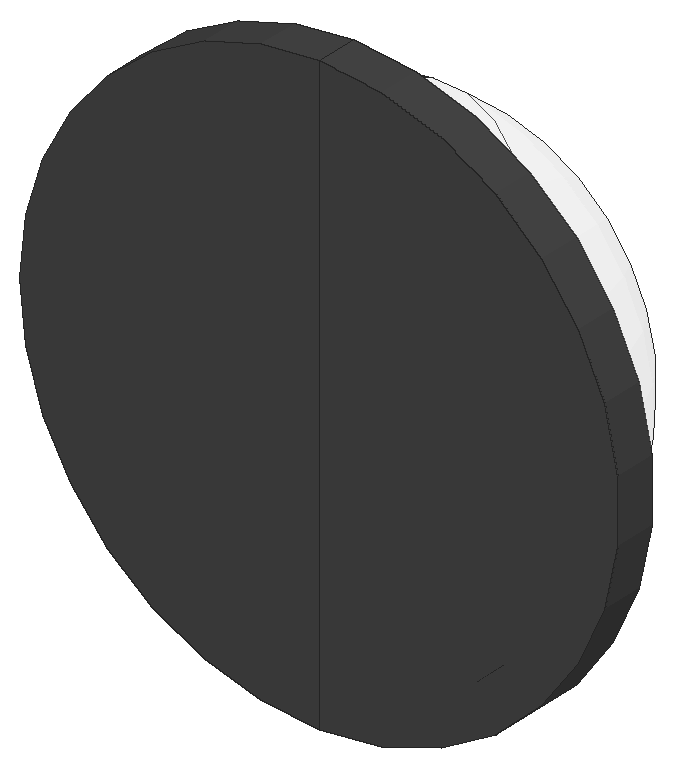
Revit family
Parameters (values of type "Wall Mounted")
  Wattage = 150 W
  built-in parameter 1150110 = 1 (stored number, unit not read)
  built-in parameter 1114217 = 1 (stored number, unit not read)
  built-in parameter 1150109 = 1 (stored number, unit not read)
  built-in parameter 1150134 = 3
  built-in parameter 1150113 = 1 (stored number, unit not read)
  Lumens = 2700 lm
  built-in parameter 1150115 = 1 (stored number, unit not read)
  built-in parameter 1150105 = 859.44 (stored number, unit not read)
  Light Source Symbol Size = 609.6 mm
  built-in parameter 1150137 = (empty or 0)
  built-in parameter 1150139 = (empty or 0)
  Light Fixture Material = Metal - Black
  built-in parameter 1150112 = 1 (stored number, unit not read)
  built-in parameter 1150114 = 1 (stored number, unit not read)
  Lamp Glass Material = Glass - White Frosted
  built-in parameter 1150132 = (empty or 0)
  built-in parameter 1150102 = (empty or 0)
  built-in parameter 1150138 = (empty or 0)
  built-in parameter 1150107 = 3200 (stored number, unit not read)
  built-in parameter 1150106 = 8.5944 (stored number, unit not read)
  Fixture Height = 2000 mm
  built-in parameter 1150104 = 1.6723 (stored number, unit not read)
  Dimming Lamp Color Temperature Shift = (empty or 0)
  Color Filter = 16777215
  built-in parameter 1114218 = 1 (stored number, unit not read)
  built-in parameter 1150133 = 10 (stored number, unit not read)
Reference planes
  plane 1: y = 0
  plane 2 "Light Source Axis (L/R)": x = 125
  plane 3 "Light Sheet Metal": y = 100
  plane 4 "Light Source Elevation": z = 2246.292
  plane 5: y = 75
  plane 6: z = 246.292
  plane 7 "Light Source Axis (F/R)": y = 250
Forms (mm)
  Revolve 1, solid, material "Metal - Black" <- "Light Fixture Material"
    sketch origin (125, 0, 3600) x (0, 1, 0) y (0, 0, -1)
      loop
        line (75, 1353.708) -> (80, 1353.708) -> (80, 1503.708) -> (100, 1503.708) -> (100, 1528.708) -> (75, 1528.708) -> (75, 1353.708)
      axis (75, 1353.708) -> (100, 1353.708)
    angle from 0 to 360
  Revolve 2, solid, material "Glass - White Frosted" <- "Lamp Glass Material"
    sketch origin (125, 0, 3600) x (0, 1, 0) y (0, 0, -1)
      loop
        line (80, 1503.708) -> (80, 1353.708) -> (230, 1353.708)
        arc (230, 1353.708) -> (193.359, 1453.286) -> (100, 1503.708) r 150
        line (100, 1503.708) -> (80, 1503.708)
      axis (80, 1353.708) -> (230, 1353.708)
    angle from 0 to 360
Lines and regions (mm)
  Masking region 1
    outline origin (0, 0, 246.292) x (1, 0, 0) y (0, 1, 0)
      loop
        line (-50, 75) -> (300, 75) -> (300, 100) -> (275, 100)
        arc (275, 100) -> (224.683, 193.856) -> (125, 231.327) r 151.327
        arc (125, 231.327) -> (25.317, 193.856) -> (-25, 100) r 151.327
        line (-25, 100) -> (-50, 100) -> (-50, 75)
  symbolic lines
    curve 1: line (-50, 100, 246.292) -> (300, 100, 246.292)
    curve 2: line (-50, 75, 246.292) -> (-50, 100, 246.292)
    curve 3: line (300, 75, 246.292) -> (-50, 75, 246.292)
    curve 4: line (300, 100, 246.292) -> (300, 75, 246.292)
    curve 5: arc (-25, 100, 246.292) -> (125, 231.327, 246.292) -> (275, 100, 246.292) r 151.327
Text (mm)
  text "Placement Side" at (-1787.139, 1116.779, 0), in view "Ref. Level."
  text "Placement Side" at (0, 2110.396, 2986.058), in view "Left"
  text "Placement Side" at (0, 628.478, 3011.967), in view "Right"
Dimensions and locks
  level to plane 4 "Light Source Elevation" = 2000 mm
  "Fixture Height": plane 4 "Light Source Elevation" to plane 6
  locked: plane 7 "Light Source Axis (F/R)" to plane 3 "Light Sheet Metal" at 150
  locked: plane 3 "Light Sheet Metal" to plane 5 at 25
  aligned and locked: plane 6 to level
  aligned and locked: plane 2 "Light Source Axis (L/R)" to imposter light
  aligned and locked: plane 4 "Light Source Elevation" to imposter light
  aligned and locked: plane 3 "Light Sheet Metal" to imposter light
  aligned and locked: host wall to plane 5
  aligned and locked: curve 1 to Revolve 1
  aligned and locked: Revolve 1 to curve 4
  aligned and locked: Masking region 1 sketch curve to curve 3
  aligned and locked: imposter light to Masking region 1 sketch curve
  aligned and locked: Masking region 1 sketch curve to imposter light
  aligned and locked: Masking region 1 sketch curve to curve 5
Automatic sketch dimensions
  Revolve 1 sketch curve to host wall = 0 mm  (x2)
  Revolve 1 sketch curve to plane 4 "Light Source Elevation" = 0 mm  (x2)
  Revolve 1 sketch curve to plane 3 "Light Sheet Metal" = 0 mm
  Revolve 1 sketch curve to Revolve 1 sketch curve = 5 mm
  Revolve 1 sketch curve to plane 7 "Light Source Axis (F/R)" = 20 mm
  Revolve 1 sketch curve to plane 4 "Light Source Elevation" = 150 mm
  Revolve 1 sketch curve to Revolve 1 sketch curve = 25 mm
  Revolve 2 sketch curve to plane 4 "Light Source Elevation" = 0 mm  (x2)
  Revolve 2 sketch curve to plane 3 "Light Sheet Metal" = 0 mm
  Revolve 2 sketch curve to plane 4 "Light Source Elevation" = 1.339 mm
  host wall to Revolve 2 sketch curve = 5.006 mm
  Revolve 2 sketch curve to Revolve 2 sketch curve = 0.006 mm
  host wall to Revolve 2 sketch curve = 145 mm
  Revolve 2 sketch curve to plane 7 "Light Source Axis (F/R)" = 20 mm
  plane 7 "Light Source Axis (F/R)" to Revolve 2 sketch curve = 290 mm
  curve 5 to plane 2 "Light Source Axis (L/R)" = 0 mm
  curve 2 to curve 5 = 25 mm
  host wall to curve 5 = 5 mm
  curve 5 to plane 2 "Light Source Axis (L/R)" = 150 mm
  curve 5 to curve 4 = 25 mm
  Masking region 1 sketch curve to Masking region 1 sketch curve = 0 mm
  Masking region 1 sketch curve to Masking region 1 sketch curve = 25 mm  (x2)
